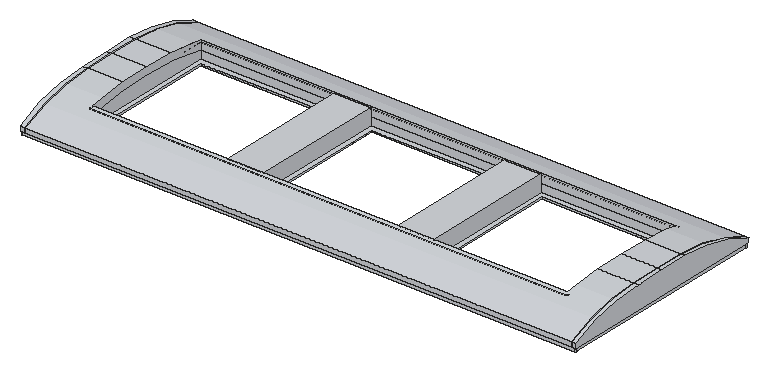
Revit family "Gira_0213723", category Electrical Fixtures, host Face, Revit 2017
Family settings
  Host = Face
  Maintain Annotation Orientation = No
  Round Connector Dimension = Use Diameter
  Part Type = Normal
  Cut with Voids When Loaded = No
  Shared = No
  Room Calculation Point = No
Parameters (values of type "Abdeckrahmen 3f Zwischenr. RW Gira Event Klar Weiß")
  Werkstoffgüte = "Thermoplast"
  Werkstoff = "Kunststoff"
  URL = "http://katalog.gira.de/de_DE/datenblatt.html?artikelnr=0213723"
  Transparent = "No"
  Textfeld/Beschriftungsfläche = "No"
  Schutzart (IP) = "IP20"
  Region = "DE"
  Oberfläche = "sonstige"
  Name = "Abdeckrahmen 3f Zwischenr. RW Gira Event Klar Weiß"
  Montagerichtung = "horizontal und vertikal"
  Mit Montagerahmen = "No"
  Mit Klappdeckel = "No"
  Manufacturer URL = "https://www.gira.de/"
  Keynote = "Event_Rahmen_3fach"
  HeinzeBIM = "https://bimportal.heinze.de/bim/abdeckrahmen-3f-zwischenr-rw-gira-event-klar-weiss/c31c280df08656feba4f54d77cc57a1c9005bd75"
  Halogenfrei = "Yes"
  HAN = "0213723"
  Geeignet für Unterputz-Installation = "Yes"
  Geeignet für Unterflurkanaldose = "No"
  Geeignet für Geräteeinbaukanal = "No"
  Geeignet für Einbauinstallation = "No"
  GTIN = "4010337068679"
  Farbe = "weiß"
  Default Elevation = 1219.2 mm
  Data sheet (1) = "https://katalog.gira.de/de_DE/download.html?artikelnr=0213723"
  Category = "Abdeckrahmen"
  Befestigungsart = "Klemmbefestigung"
  Available = "Yes"
  Anzahl der Einheiten vertikal = "3 "
  Anzahl der Einheiten horizontal = "3 "
  Anzahl der Einheiten = "3 "
Reference planes
  plane 1 "Center (Front/Back)": y = 0
  plane 2: z = 0
  plane 3 "Center (Left/Right)": x = 0
Forms (mm)
  Extrusion 1, solid, detail levels fine
    sketch origin (0, 0, 0.05) x (0, 1, 0) y (0, 0, 1)
      loop
        arc (12.445, 9.683) -> (6.223, 9.833) -> (0, 9.85) r 291.636
        arc (0, 9.85) -> (-6.223, 9.833) -> (-12.445, 9.683) r 291.636
        arc (-12.445, 9.683) -> (-29.14, 7.482) -> (-45, 1.823) r 79.728
        line (-45, 1.823) -> (-45, -0.05) -> (-42.086, -0.05)
        arc (-42.086, -0.05) -> (-21.385, 5.559) -> (0, 7.206) r 114.424
        arc (0, 7.206) -> (21.385, 5.559) -> (42.086, -0.05) r 114.424
        line (42.086, -0.05) -> (45, -0.05) -> (45, 1.823)
        arc (45, 1.823) -> (29.14, 7.482) -> (12.445, 9.683) r 79.728
    from -114.3 to 114.3
  Extrusion 2, void, detail levels fine
    sketch origin (0, 0, 0) x (1, 0, 0) y (0, 1, 0)
      loop
        line (-99.355, -28.053) -> (99.355, -28.053) -> (99.355, 28.053) -> (-99.355, 28.053) -> (-99.355, -28.053)
    from 0.724 to 11
  Extrusion 3, solid, detail levels coarse
    sketch origin (0, 0, 0) x (1, 0, 0) y (0, 1, 0)
      loop
        line (-116.3, 45) -> (-116.3, -45) -> (116.3, -45) -> (116.3, 45) -> (-116.3, 45)
    from -1.5 to 9.9
  Extrusion 4, solid, detail levels medium
    sketch origin (0, 0, 0.05) x (0, 1, 0) y (0, 0, 1)
      loop
        arc (12.445, 9.683) -> (6.223, 9.833) -> (0, 9.85) r 291.636
        arc (0, 9.85) -> (-6.223, 9.833) -> (-12.445, 9.683) r 291.636
        arc (-12.445, 9.683) -> (-29.14, 7.482) -> (-45, 1.823) r 79.728
        line (-45, 1.823) -> (-45, -0.05) -> (45, -0.05) -> (45, 1.823)
        arc (45, 1.823) -> (29.14, 7.482) -> (12.445, 9.683) r 79.728
    from -116.3 to 116.3
  Extrusion 5, solid, detail levels fine
    sketch origin (-71.3, 0, -1.5) x (0, 1, 0) y (0, 0, -1)
      loop
        line (45, -3.373) -> (45, -1.5) -> (-45, -1.5) -> (-45, -3.373)
        arc (-45, -3.373) -> (-29.14, -9.032) -> (-12.445, -11.233) r 79.728
        arc (-12.445, -11.233) -> (-6.223, -11.383) -> (0, -11.4) r 291.636
        arc (0, -11.4) -> (6.223, -11.383) -> (12.445, -11.233) r 291.636
        arc (12.445, -11.233) -> (29.14, -9.032) -> (45, -3.373) r 79.728
    from 43 to 45
  Extrusion 6, solid, detail levels fine
    sketch origin (0, 0, 0) x (1, 0, 0) y (0, 1, 0)
      loop
        line (-97.195, 25.7) -> (-97.195, -25.7) -> (-45.395, -25.7) -> (-45.395, 25.7) -> (-97.195, 25.7)
      loop
        line (25.9, -25.7) -> (25.9, 25.7) -> (-25.9, 25.7) -> (-25.9, -25.7) -> (25.9, -25.7)
      loop
        line (-100.19, 28.49) -> (-100.19, -28.495)
        spline (-100.19, -28.495) -> (-100.181, -28.625) -> (-100.156, -28.754) -> (-100.113, -28.878) -> (-100.056, -28.995) -> (-99.983, -29.104) -> (-99.897, -29.202) -> (-99.798, -29.288) -> (-99.69, -29.361) -> (-99.572, -29.419) -> (-99.448, -29.461) -> (-99.32, -29.486) -> (-99.19, -29.495)
        line (-99.19, -29.495) -> (99.195, -29.495)
        spline (99.195, -29.495) -> (99.325, -29.486) -> (99.454, -29.461) -> (99.578, -29.419) -> (99.695, -29.361) -> (99.804, -29.288) -> (99.902, -29.202) -> (99.988, -29.104) -> (100.061, -28.995) -> (100.119, -28.878) -> (100.161, -28.754) -> (100.186, -28.625) -> (100.195, -28.495)
        line (100.195, -28.495) -> (100.195, 28.49)
        spline (100.195, 28.49) -> (100.186, 28.62) -> (100.161, 28.748) -> (100.119, 28.872) -> (100.061, 28.99) -> (99.988, 29.098) -> (99.902, 29.197) -> (99.804, 29.283) -> (99.695, 29.356) -> (99.578, 29.413) -> (99.454, 29.456) -> (99.325, 29.481) -> (99.195, 29.49)
        line (99.195, 29.49) -> (-99.19, 29.49)
        spline (-99.19, 29.49) -> (-99.32, 29.481) -> (-99.448, 29.456) -> (-99.572, 29.413) -> (-99.69, 29.356) -> (-99.798, 29.283) -> (-99.897, 29.197) -> (-99.983, 29.098) -> (-100.056, 28.99) -> (-100.113, 28.872) -> (-100.156, 28.748) -> (-100.181, 28.62) -> (-100.19, 28.49)
      loop
        line (97.2, -25.7) -> (97.2, 25.7) -> (45.4, 25.7) -> (45.4, -25.7) -> (97.2, -25.7)
    from 0.1 to 7.3
  Extrusion 7, solid
    sketch origin (0, 0, 0) x (1, 0, 0) y (0, 1, 0)
      loop
        arc (-116, -44.2) -> (-115.854, -44.554) -> (-115.5, -44.7) r 0.5
        line (-115.5, -44.7) -> (115.5, -44.7)
        arc (115.5, -44.7) -> (115.854, -44.554) -> (116, -44.2) r 0.5
        line (116, -44.2) -> (116, 44.2)
        arc (116, 44.2) -> (115.854, 44.554) -> (115.5, 44.7) r 0.5
        line (115.5, 44.7) -> (-115.5, 44.7)
        arc (-115.5, 44.7) -> (-115.854, 44.554) -> (-116, 44.2) r 0.5
        line (-116, 44.2) -> (-116, -44.2)
      loop
        line (-114.3, 43) -> (-114.3, -43) -> (114.3, -43) -> (114.3, 43) -> (-114.3, 43)
    from -1.5 to 0.5
  Extrusion 8, solid, detail levels fine
    sketch origin (71.3, 0, -1.5) x (0, 1, 0) y (0, 0, 1)
      loop
        arc (45, 3.373) -> (29.14, 9.032) -> (12.445, 11.233) r 79.728
        arc (12.445, 11.233) -> (6.223, 11.383) -> (0, 11.4) r 291.636
        arc (0, 11.4) -> (-6.223, 11.383) -> (-12.445, 11.233) r 291.636
        arc (-12.445, 11.233) -> (-29.14, 9.032) -> (-45, 3.373) r 79.728
        line (-45, 3.373) -> (-45, 1.5) -> (45, 1.5) -> (45, 3.373)
    from 43 to 45
  Extrusion 9, solid, detail levels medium
    sketch origin (0, 0, 0) x (1, 0, 0) y (0, 1, 0)
      loop
        line (-116, -44.7) -> (116, -44.7) -> (116, 44.7) -> (-116, 44.7) -> (-116, -44.7)
    from -1.5 to 0.5
  Extrusion 10, solid, detail levels fine
    sketch origin (-34.207, 0, 0) x (1, 0, 0) y (0, 1, 0)
      loop
        line (-8.943, 28.063) -> (-8.943, -27.937) -> (6.057, -27.937) -> (6.057, 28.063) -> (-8.943, 28.063)
    from 0.724 to 7.566
  Extrusion 11, solid, detail levels fine
    sketch origin (34.207, 0, 0) x (-1, 0, 0) y (0, -1, 0)
      loop
        line (-8.943, -28.063) -> (6.057, -28.063) -> (6.057, 27.937) -> (-8.943, 27.937) -> (-8.943, -28.063)
    from 0.724 to 7.566
Cuts and joins
  Extrusion 2 cuts Extrusion 1
  Extrusion 2 cuts Extrusion 6
Dimensions and locks
  aligned and locked: plane 2 to host face
  aligned and locked: level to host face
